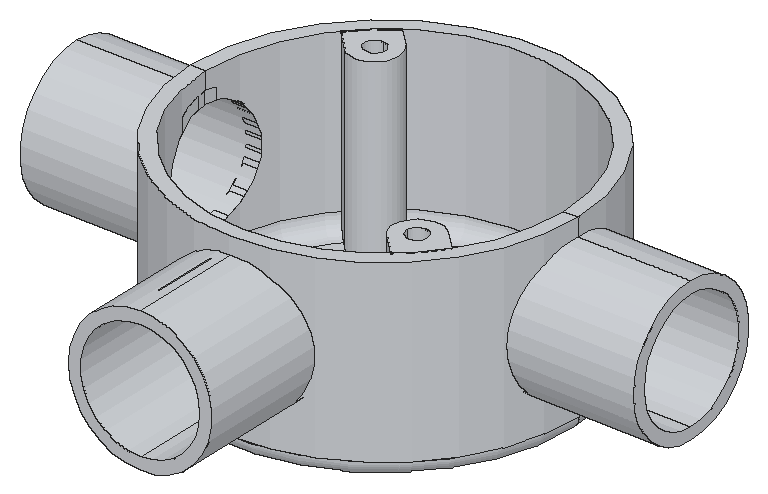
Revit family "PB4W", category Generic Models, Revit 2017
Family settings
  Can host rebar = No
  Round Connector Dimension = Use Diameter
  Part Type = Normal
  Work Plane-Based = Yes
  Always vertical = No
  Cut with Voids When Loaded = No
  Shared = No
  Room Calculation Point = No
Parameters (values of type "NBS Standard Parameters")
  Weight = "0.0517Kg"
  WarrantyStartDate [instance] = "1900-12-31T23:59:59"
  WarrantyGuarantorParts = "n/a"
  WarrantyGuarantorLabor = "n/a"
  WarrantyDurationUnit = "1 year"
  WarrantyDurationParts = "n/a"
  WarrantyDurationLabor = "n/a"
  WarrantyDescription = "n/a"
  Version = "1"
  Uniclass2 = "Pr_65_70_11_20"
  TagNumber [instance] = "n/a"
  SustainabilityPerformance = "n/a"
  Size = "20mm"
  Shape = "Circular"
  SerialNumber [instance] = "n/a"
  Revision = "n/a"
  ReplacementCost = "n/a"
  ProductInformation = "www.metpro.co.uk/pdf/pb4w.pdf"
  NominalWidth = 66 mm
  NominalLength = 66 mm
  NominalHeight = 30 mm
  Name = ""
  NBSTypeID = ""
  NBSReference = "90-55-10/460"
  NBSOfficeMasterTag = ""
  NBSNote = ""
  NBSDescription = "Conduit Fittings"
  NBSCertification = ""
  ModelReference = "PB4W"
  ModelNumber = "n/a"
  Material = "PVC"
  ManufacturerURL = "www.metpro.co.uk"
  ManufacturerName = "Metpro Ltd"
  Keynote = "Manufactured to BS4607 Part 1"
  InstallationDate [instance] = "1900-12-31T23:59:59"
  IfcExportType = ""
  IfcExportAs = ""
  Grade = "n/a"
  Finish = "White"
  Features = "n/a"
  ExpectedLife = "n/a"
  DurationUnit = "year"
  Description = "PB4W - 20mm Tee PVC conduit Box"
  Default Elevation = 1219.2 mm
  Constituents = "n/a"
  Color = "n/a"
  CodePerformance = "n/a"
  Category = "n/a"
  BarCode [instance] = "n/a"
  BIMObjectName = "Metpro_metprolibrary_conduitfittings_PVC component_Circularjunctionbox."
  Author = "Metpro Ltd"
  AssetType = ""
  AssetIdentifier [instance] = "n/a"
  AccessibilityPerformance = "n/a"
Reference planes
  plane 1 "Center (Front/Back)": y = 0
  plane 2: z = 0
  plane 3 "Center (Left/Right)": x = 0
Forms (mm)
  Revolve 1, solid
    sketch origin (0, 44.567, -16.771) x (1, 0, 0) y (0, 0, 1)
      loop
        line (-32.5, 42.541) -> (-32.5, 12.5)
        arc (-32.5, 12.5) -> (-31.768, 10.732) -> (-30, 10) r 2.5
        line (-30, 10) -> (0, 10) -> (0, 12.541) -> (-27, 12.541)
        arc (-27, 12.541) -> (-29.121, 13.42) -> (-30, 15.541) r 3
        line (-30, 15.541) -> (-30, 42.541) -> (-32.5, 42.541)
      axis (0, 10) -> (0, 42.541)
    angle from 0 to 360
  Extrusion 2, solid
    sketch origin (0, 44.567, 25.771) x (0, 1, 0) y (-1, 0, 0)
      loop
        arc (-13.805, -21.577) -> (-13.887, -16.02) -> (-19.441, -15.821) r 4.033
        line (-19.441, -15.821) -> (-22.946, -19.326)
        arc (-22.946, -19.326) -> (-20.14, -22.235) -> (-16.968, -24.74) r 30
        line (-16.968, -24.74) -> (-13.805, -21.577)
      loop
        circle (-16.769, -18.842) r 1.752
      loop
        line (21.577, 13.805) -> (24.74, 16.968)
        arc (24.74, 16.968) -> (22.235, 20.14) -> (19.326, 22.946) r 30
        line (19.326, 22.946) -> (15.821, 19.441)
        arc (15.821, 19.441) -> (16.02, 13.887) -> (21.577, 13.805) r 4.033
      loop
        circle (18.842, 16.769) r 1.752
    from -31.563 to 0
  Extrusion 3, void
    sketch origin (0, 44.567, -16.771) x (0, 0, 1) y (0, -1, 0)
      loop
        circle (27.754, 0.168) r 10
    from -51.5 to 51.5
  Extrusion 4, solid
    sketch origin (0, 44.567, -15.521) x (0, 0, 1) y (0, -1, 0)
      loop
        circle (26.504, 0.168) r 12
      loop
        circle (26.504, 0.168) r 10
    from 28.88 to 51.5
  Extrusion 5, solid
    sketch origin (-1.5, 44.567, -15.521) x (0, 0, 1) y (0, 1, 0)
      loop
        circle (26.504, -0.168) r 10
      loop
        circle (26.504, -0.168) r 12
    from 24.792 to 50
  Extrusion 6, solid
    sketch origin (0, 43.067, -15.521) x (0, 0, 1) y (-1, 0, 0)
      loop
        circle (26.504, -0.168) r 10
      loop
        circle (26.504, -0.168) r 12
    from 24.792 to 50
  Extrusion 7, void
    sketch origin (0, 44.567, 25.771) x (-1, 0, 0) y (0, 1, 0)
      loop
        arc (-14.448, -26.292) -> (0, -30) -> (14.448, -26.292) r 30
        line (14.448, -26.292) -> (-14.448, -26.292)
    from 0 to 31.563
  Extrusion 8, void
    sketch origin (0, 44.567, 25.771) x (-1, 0, 0) y (0, 1, 0)
      loop
        arc (19.963, -22.394) -> (29.708, -4.175) -> (25.362, 16.024) r 30
        arc (25.362, 16.024) -> (22.225, -3.124) -> (19.963, -22.394) r 426.342
      loop
        line (-25.593, -15.653) -> (-25.593, 15.653)
        arc (-25.593, 15.653) -> (-30, 0) -> (-25.593, -15.653) r 30
    from 0 to 27.234
  Extrusion 9, void
    sketch origin (0, -6.933, -15.521) x (0, 0, -1) y (-1, 0, 0)
      loop
        circle (-26.504, -0.168) r 10
    from 0 to 45.26
Cuts and joins
  Extrusion 3, Extrusion 9 cuts Revolve 1
  Extrusion 3, Extrusion 8 cuts Extrusion 4
  Extrusion 3, Extrusion 8 cuts Extrusion 5
  Extrusion 7, Extrusion 9 cuts Extrusion 6
Dimensions and locks
  aligned and locked: level to plane 2
